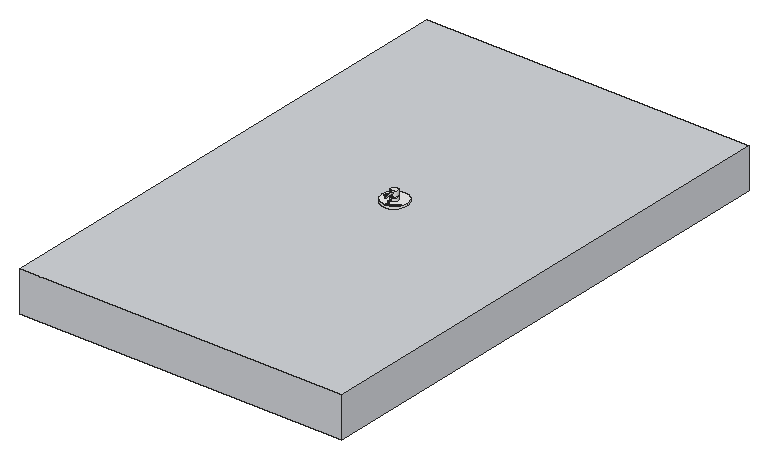
Revit family "Diverter_Trim-Grohe-Concetto-29102_Series", category Plumbing Fixtures, host Face, Revit 2019
Family settings
  Host = Face
  Round Connector Dimension = Use Diameter
  Part Type = Normal
  OmniClass Number = 23.45.05.14.17
  OmniClass Title = Showers
  Cut with Voids When Loaded = No
  Shared = Yes
  Room Calculation Point = No
Parameters (values of type "29102001")
  Width = 7 7/16"  # constant formula
  Waste Connection = no
  Warranty Documentation Link = "https://cdn.cloud.grohe.com/tpi/1000/1900/1940/1949/1949006/original/1949006.pdf"
  WFU = 2  # constant formula
  Vent Connection = no
  URL = "https://www.grohe.com"
  Type Comments = ""
  Tempered Connection Radius = Tempered Connection Diameter / 2  # 1/4"
  Tempered Connection Diameter = 1/2"
  Revised Date = "7/05/2021"  # constant formula
  Product Page URL = "https://www.grohe.us/Bath-Shower-Trim-Kits/Pressure-Balance-Valve-Trim-with-Diverter/GROHE-CHROME-29102001"
  Product Documentation Link = "https://americanstandard.box.com/shared/static/lns5ie3174h33xbuu48ah2lkp7dxdfm8.pdf"
  Price = "Prices may vary. Please consult Manufacturer Representative for most up-to-date price list."  # constant formula
  Model = "29102001"
  Material = "Metal-Grohe-001-Chrome"
  Manufacturer = "Grohe"  # constant formula
  Length Constraint [instance] = if(Length < 3 3/16", 3 3/16", if(Length > 4", 4", Length))  # 3 3/16"
  Length [instance] = 3 3/16"
  Installation Type = "Wall Mounted"  # constant formula
  Height = 7 7/16"  # constant formula
  HWFU = 1.5  # constant formula
  HW Connection = yes
  Finish = Metal-Grohe-001-Chrome
  Description = "CONCETTO Pressure Balance Valve Trim with Diverter"  # constant formula
  Default Elevation = 40"  # constant formula
  Creation Date = "7/18/2019"  # constant formula
  CWFU = 1.5  # constant formula
  CW Connection = yes
  Assembly Code = "D2010710"
  ADA Compliant = no
Types (2): name | Product Page URL | Model | Material | Finish
  29102001 | "https://www.grohe.us/Bath-Shower-Trim-Kits/Pressure-Balance-Valve-Trim-with-Diverter/GROHE-CHROME-29102001" | "29102001" | "Metal-Grohe-001-Chrome" | Metal-Grohe-001-Chrome
  29102EN1 | "https://www.grohe.us/Bath-Shower-Trim-Kits/Pressure-Balance-Valve-Trim-with-Diverter/GROHE-BRUSHED-NICKEL-29102EN1" | "29102EN1" | "Metal-Grohe-EN1-Brushed Nickel" | Metal-Grohe-EN1-Brushed Nickel
Reference planes (in)
  plane 1 "Center (Front/Back)": y = 0
  plane 2: z = 0
  plane 3 "Center (Left/Right)": x = 0
  plane 4: y = -40
  plane 5: z = 0.5625
  plane 6: x = -3.71875
  plane 7: x = 3.71875
  plane 8: z = 3.1875
  plane 9: x = -1.17208
  plane 10: x = 1.09375
  plane 11: z = 0.56445
  plane 12: y = -3.71875
  plane 13: y = 3.71875
  plane 14: y = -3.59375
Forms (in)
  Extrusion 1, solid
    sketch origin (0, 0, 0) x (1, 0, 0) y (0, 1, 0)
      loop
        line (-48, 72) -> (-48, -79.70833) -> (48, -79.70833) -> (48, 72) -> (-48, 72)
    from 0 to -12
  Revolve 2, solid, material "Metal-Grohe-001-Chrome" <- "Finish"
    sketch origin (0, 0, 0) x (0, 1, 0) y (0, 0, 1)
      loop
        arc (1.02415, 1.42174) -> (0.97714, 1.61209) -> (0.84691, 1.75867) r 0.40886
        line (0.84691, 1.75867) -> (0.99581, 1.75867)
        arc (0.99581, 1.75867) -> (1.01487, 1.75945) -> (1.02418, 1.77609) r 0.01953
        line (1.02418, 1.77609) -> (1.02418, 3.1875) -> (0, 3.1875) -> (0, 0) -> (1.02415, 0) -> (1.02415, 1.42174)
      axis (0, 3.1875) -> (0, 0)
    angle from 0 to 360
  Extrusion 3, solid, material "Metal-Grohe-001-Chrome" <- "Finish"
    sketch origin (0, 0, 0) x (1, 0, 0) y (0, 1, 0)
      loop
        circle (-0.54724, 0) r 0.25
      loop
        circle (0.54724, 0) r 0.25
    from 0 to 0.0625
  Extrusion 4, solid, material "Metal-Grohe-001-Chrome" <- "Finish"
    sketch origin (0, 0, 0) x (1, 0, 0) y (0, 1, 0)
      loop
        spline (3.71875, 0) -> (3.59204, 0.96248) -> (3.22053, 1.85937) -> (2.62955, 2.62955) -> (1.85938, 3.22053) -> (0.96248, 3.59204) -> (0, 3.71875) -> (-0.96248, 3.59204) -> (-1.85937, 3.22053) -> (-2.62955, 2.62955) -> (-3.22053, 1.85937) -> (-3.59204, 0.96248) -> (-3.71875, 0)
        spline (-3.71875, 0) -> (-3.59204, -0.96248) -> (-3.22053, -1.85938) -> (-2.62955, -2.62955) -> (-1.85937, -3.22053) -> (-0.96248, -3.59204) -> (0, -3.71875) -> (0.96248, -3.59204) -> (1.85938, -3.22053) -> (2.62955, -2.62955) -> (3.22053, -1.85938) -> (3.59204, -0.96248) -> (3.71875, 0)
    from 0 to 0.5625
  Revolve 5, solid, material "Metal-Grohe-001-Chrome" <- "Finish"
    sketch origin (0, 0, 0) x (0, 1, 0) y (0, 0, 1)
      loop
        line (0, 2.56703) -> (0, 2.75302) -> (-3.59375, 2.75302) -> (-3.59375, 2.56703) -> (0, 2.56703)
      axis (0, 2.56703) -> (-3.59375, 2.56703)
    angle from 0 to 360
  Extrusion 6, solid, material "Metal-Grohe-RED"
    sketch origin (0, 0, 0) x (1, 0, 0) y (0, 1, 0)
      loop
        arc (-3.07834, 0) -> (-2.93604, -0.14229) -> (-2.79375, 0) r 0.14229
        arc (-2.79375, 0) -> (-2.42947, 1.55729) -> (-1.22422, 2.6086) r 2.60619
        arc (-1.22422, 2.6086) -> (-1.19974, 2.66984) -> (-1.26096, 2.69437) r 0.04666
        arc (-1.26096, 2.69437) -> (-2.59121, 1.63153) -> (-3.07834, 0) r 2.85075
    from 0 to 0.56445
  Extrusion 7, solid, material "Metal-Grohe-Blue"
    sketch origin (0, 0, 0) x (0, 1, 0) y (-1, 0, 0)
      loop
        arc (-3.07834, 0) -> (-2.59121, -1.63153) -> (-1.26096, -2.69437) r 2.85075
        arc (-1.26096, -2.69437) -> (-1.19974, -2.66984) -> (-1.22422, -2.6086) r 0.04666
        arc (-1.22422, -2.6086) -> (-2.42947, -1.55729) -> (-2.79375, 0) r 2.60619
        arc (-2.79375, 0) -> (-2.93604, 0.14229) -> (-3.07834, 0) r 0.14229
    from 0 to 0.56445
  Revolve 8, solid, material "Metal-Grohe-001-Chrome" <- "Finish"
    sketch origin (0, 0, -0.16406) x (0, 1, 0) y (0, 0, 1)
      loop
        line (-2.237, 1.08545) -> (-2.237, 0.72656) -> (-2.11451, 0.72656) -> (-2.11451, 0.97672) -> (-1.99305, 0.97672) -> (-1.99305, 1.08545) -> (-2.237, 1.08545)
      axis (-2.237, 0.72656) -> (-2.237, 1.08545)
    angle from 0 to 360
  Extrusion 9, void
    sketch origin (0, 0, 0) x (0, 1, 0) y (0, 0, 1)
      loop
        line (-1.07792, 3.19454) -> (1.11956, 2.88571) -> (1.11956, 3.298) -> (-1.07792, 3.298) -> (-1.07792, 3.19454)
    from -1.17208 to 1.09375
Cuts and joins
  Extrusion 9 cuts Revolve 2
  Extrusion 9 cuts Extrusion 3
  Extrusion 9 cuts Extrusion 4
  Extrusion 9 cuts Revolve 5
  joined: Revolve 2, Extrusion 3, Extrusion 4, Revolve 5
Lines and regions (in)
  Masking region 1
    outline origin (0, 0, 0) x (1, 0, 0) y (0, 0, 1)
      loop
        line (3.71875, 0) -> (3.71875, 0.5625) -> (1.02415, 0.5625) -> (1.02415, 1.4306)
        arc (1.02415, 1.4306) -> (0.97666, 1.61699) -> (0.84574, 1.75793) r 0.38948
        line (0.84574, 1.75793) -> (1.02415, 1.75793) -> (1.02415, 3.0499)
        spline (1.02415, 3.0499) -> (1.00975, 3.06795) -> (0.97915, 3.08561) -> (0.93283, 3.10259) -> (0.87154, 3.11863) -> (0.79623, 3.13347) -> (0.70812, 3.14687) -> (0.60859, 3.15862) -> (0.49924, 3.16854) -> (0.38179, 3.17646) -> (0.25811, 3.18226) -> (0.13017, 3.18586) -> (0, 3.18718)
        spline (0, 3.18718) -> (-0.13017, 3.18586) -> (-0.25811, 3.18226) -> (-0.38179, 3.17646) -> (-0.49924, 3.16854) -> (-0.60859, 3.15862) -> (-0.70812, 3.14687) -> (-0.79623, 3.13347) -> (-0.87154, 3.11863) -> (-0.93283, 3.10259) -> (-0.97915, 3.08561) -> (-1.00975, 3.06795) -> (-1.02415, 3.0499)
        line (-1.02415, 3.0499) -> (-1.02415, 1.75793) -> (-0.84574, 1.75793)
        arc (-0.84574, 1.75793) -> (-0.97666, 1.61699) -> (-1.02415, 1.4306) r 0.38948
        line (-1.02415, 1.4306) -> (-1.02415, 0.5625) -> (-3.71875, 0.5625) -> (-3.71875, 0) -> (3.71875, 0)
  symbolic lines, detail levels fine
    curve 1: spline (0, 0, 2.89892) -> (0.13017, 0, 2.90025) -> (0.25811, 0, 2.90384) -> (0.38179, 0, 2.90965) -> (0.49924, 0, 2.91757) -> (0.60859, 0, 2.92749) -> (0.70812, 0, 2.93924) -> (0.79623, 0, 2.95264) -> (0.87154, 0, 2.96748) -> (0.93283, 0, 2.98351) -> (0.97915, 0, 3.0005) -> (1.00975, 0, 3.01815) -> (1.02415, 0, 3.03621)
    curve 2: spline (-1.02415, 0, 3.03621) -> (-1.00975, 0, 3.01815) -> (-0.97915, 0, 3.0005) -> (-0.93283, 0, 2.98351) -> (-0.87154, 0, 2.96748) -> (-0.79623, 0, 2.95264) -> (-0.70812, 0, 2.93924) -> (-0.60859, 0, 2.92749) -> (-0.49924, 0, 2.91757) -> (-0.38179, 0, 2.90965) -> (-0.25811, 0, 2.90384) -> (-0.13017, 0, 2.90025) -> (0, 0, 2.89892)
    curve 3: line (0.84574, 0, 1.75867) -> (-0.84574, 0, 1.75867)
    curve 4: line (1.02415, 0, 0.5625) -> (-1.02415, 0, 0.5625)
Dimensions and locks (in)
  plane 4 to plane 1 "Center (Front/Back)" = 40"
  "Length Constraint": plane 8 to Extrusion 1
  locked: plane 5 to Extrusion 1 at 0.5625
  "Width": plane 6 to plane 7
  equal spacing: plane 13, plane 1 "Center (Front/Back)", plane 12, locked at 3.71875 each
  "Height": plane 13 to plane 12
  equal spacing: plane 6, plane 3 "Center (Left/Right)", plane 7, locked at 3.71875 each
  locked: Revolve 2 sketch curve to Revolve 2 sketch curve at 1.42883
  locked: plane 13 to plane 14 at 7.3125
  locked: Masking region 1 sketch curve to cut or joined group of Revolve 2, Extrusion 3, Extrusion 4, Revolve 5, Extrusion 9 at 0.32808  (x2)
  locked: Extrusion 3 sketch curve to Extrusion 3 sketch curve (diameter 1/2")  (x2)
  aligned and locked: plane 2 to Extrusion 1
  aligned and locked: level to Extrusion 1
  aligned and locked: Extrusion 6 to Extrusion 1
  aligned and locked: Extrusion 7 to Extrusion 1
  aligned and locked: Extrusion 9 to plane 9
  aligned and locked: plane 10 to Extrusion 9
  aligned and locked: Revolve 5 sketch curve to plane 1 "Center (Front/Back)"
  aligned and locked: plane 5 to Extrusion 4
  aligned and locked: plane 11 to Extrusion 7
  aligned and locked: plane 11 to Extrusion 6
  aligned and locked: plane 5 to Revolve 8 sketch curve
  aligned and locked: Revolve 2 sketch curve to plane 8
  aligned and locked: cut or joined group of Revolve 2, Extrusion 3, Extrusion 4, Revolve 5, Extrusion 9 to plane 14
  aligned and locked: cut or joined group of Revolve 2, Extrusion 3, Extrusion 4, Revolve 5, Extrusion 9 to curve 3
Automatic sketch dimensions
  Extrusion 1 sketch curve to Extrusion 1 sketch curve = 96"
  Extrusion 1 sketch curve to Extrusion 1 sketch curve = 151.70833"
  plane 1 "Center (Front/Back)" to Extrusion 3 sketch curve = 0"  (x2)
  Extrusion 3 sketch curve to plane 3 "Center (Left/Right)" = 0.54724"
  plane 3 "Center (Left/Right)" to Extrusion 3 sketch curve = 0.54724"
  plane 1 "Center (Front/Back)" to Extrusion 6 sketch curve = 0"
  Extrusion 6 sketch curve to plane 6 = 0.78271"
  Extrusion 6 sketch curve to plane 3 "Center (Left/Right)" = 1.24262"
  Extrusion 6 sketch curve to plane 1 "Center (Front/Back)" = 0.03741"
  Extrusion 6 sketch curve to plane 3 "Center (Left/Right)" = 0.22783"
  Extrusion 6 sketch curve to Extrusion 6 sketch curve = 0.0315"
  Extrusion 6 sketch curve to Extrusion 6 sketch curve = 0.17625"
  Extrusion 6 sketch curve to Extrusion 6 sketch curve = 0.14229"
  Extrusion 6 sketch curve to Extrusion 6 sketch curve = 0.01834"
  plane 3 "Center (Left/Right)" to Extrusion 7 sketch curve = 0"
  Extrusion 7 sketch curve to plane 1 "Center (Front/Back)" = 1.24262"
  Extrusion 7 sketch curve to plane 3 "Center (Left/Right)" = 0.03741"
  Extrusion 7 sketch curve to plane 1 "Center (Front/Back)" = 0.22783"
  Extrusion 7 sketch curve to Extrusion 7 sketch curve = 0.0315"
  Extrusion 7 sketch curve to Extrusion 7 sketch curve = 0.17625"
  Extrusion 7 sketch curve to plane 7 = 1.06728"
  Extrusion 7 sketch curve to Extrusion 7 sketch curve = 0.14229"
  Extrusion 7 sketch curve to Extrusion 7 sketch curve = 0.01834"
  plane 8 to Extrusion 9 sketch curve = 0.1105"
  plane 1 "Center (Front/Back)" to Extrusion 9 sketch curve = 1.07792"
  Extrusion 9 sketch curve to plane 1 "Center (Front/Back)" = 1.11956"
  Extrusion 9 sketch curve to plane 8 = 0.30179"
  plane 8 to Extrusion 9 sketch curve = 0.00704"
  Revolve 5 sketch curve to plane 8 = 0.62047"
  Revolve 5 sketch curve to Revolve 5 sketch curve = 0.18599"
  Revolve 5 sketch curve to plane 1 "Center (Front/Back)" = 0.06744"
  Revolve 5 sketch curve to Revolve 5 sketch curve = 0.15205"
  Revolve 5 sketch curve to Revolve 5 sketch curve = 0"
  plane 11 to Revolve 8 sketch curve = 0.35693"
  Revolve 8 sketch curve to Revolve 8 sketch curve = 0.12248"
  Revolve 8 sketch curve to Revolve 8 sketch curve = 0.12146"
  Revolve 8 sketch curve to Revolve 8 sketch curve = 0.10873"
  Revolve 8 sketch curve to Revolve 8 sketch curve = 0"
  Revolve 8 sketch curve to Revolve 8 sketch curve = 0.18354"
  Revolve 8 sketch curve to Revolve 8 sketch curve = 0.11845"
  plane 6 to Masking region 1 sketch curve = 0"
  Masking region 1 sketch curve to plane 5 = 0"  (x2)
  Masking region 1 sketch curve to plane 3 "Center (Left/Right)" = 0"
  plane 7 to Masking region 1 sketch curve = 0"
  Masking region 1 sketch curve to level = 0"
  plane 9 to Masking region 1 sketch curve = 0.14792"  (x2)
  Masking region 1 sketch curve to Masking region 1 sketch curve = 0.17841"
  Masking region 1 sketch curve to Masking region 1 sketch curve = 0.21107"
  Masking region 1 sketch curve to plane 10 = 0.45908"
  Masking region 1 sketch curve to plane 10 = 0.24801"
  Masking region 1 sketch curve to plane 10 = 0.0696"  (x2)
  Masking region 1 sketch curve to plane 8 = 0.1376"  (x2)
  Masking region 1 sketch curve to Masking region 1 sketch curve = 0.00117"  (x2)
  Masking region 1 sketch curve to plane 3 "Center (Left/Right)" = 0.01035"
  plane 3 "Center (Left/Right)" to Masking region 1 sketch curve = 0.01035"
  Masking region 1 sketch curve to Masking region 1 sketch curve = 0.00684"
  Extrusion 6 sketch curve to Extrusion 6 sketch curve = 0.0429"
  plane 1 "Center (Front/Back)" to Extrusion 4 sketch curve = 0"
  Extrusion 4 sketch curve to plane 3 "Center (Left/Right)" = 0"
  Extrusion 4 sketch curve to plane 7 = 0"
  Revolve 2 sketch curve to plane 1 "Center (Front/Back)" = 0"  (x2)
  Revolve 2 sketch curve to level = 0"
  Revolve 2 sketch curve to plane 1 "Center (Front/Back)" = 0.61529"
  Revolve 2 sketch curve to Revolve 2 sketch curve = 0.38935"
  Revolve 2 sketch curve to Revolve 2 sketch curve = 0.35435"
  Revolve 2 sketch curve to Revolve 2 sketch curve = 0.15773"
  Revolve 2 sketch curve to Revolve 2 sketch curve = 0.00883"
  Revolve 2 sketch curve to Revolve 2 sketch curve = 1.79746"
  Revolve 2 sketch curve to Revolve 2 sketch curve = 1/4"
  plane 12 to Revolve 5 sketch curve = 1/8"
  Extrusion 7 sketch curve to plane 12 = 0.78271"
  plane 12 to Revolve 8 sketch curve = 1.48175"
  curve 4 to plane 5 = 0"
  curve 1 to plane 3 "Center (Left/Right)" = 0"
  curve 1 to plane 3 "Center (Left/Right)" = 0.01035"
  plane 9 to curve 3 = 0.32633"
  plane 9 to curve 2 = 0.14792"
  plane 9 to curve 4 = 0.14792"
  curve 2 to curve 2 = 0.00117"
  plane 3 "Center (Left/Right)" to curve 2 = 0.01035"
  curve 3 to plane 10 = 0.24801"
  curve 4 to plane 10 = 0.0696"
  curve 1 to plane 10 = 0.0696"
  curve 1 to curve 1 = 0.00117"
  curve 2 to plane 8 = 0.28858"
  curve 2 to plane 8 = 0.15129"
  curve 1 to plane 8 = 0.15129"
  Revolve 2 sketch curve to Revolve 2 sketch curve = 1.02415"
Connectors (in)
  piping at (0, 0, 0), diameter 0.5, driven by "Tempered Connection Diameter"
    settings: on cut or joined group of Revolve 2, Extrusion 3, Extrusion 4, Revolve 5, Extrusion 9, index 1, connector inside diameter 24", connector length 0", flow factor 0, pipe flow 0 GPM, pressure drop 0.00 psi, fitting loss kfactor 0, connector angle 0.00°, fixture units 0, engagement length 0", angle of deflection 0.00°, flow configuration 0, flow direction 1, fitting loss method 0, system type 29, joint type 0, gender type 0, connector reference index -1, connector utility 0, adjustable connector no, is connector primary yes, connector description "1/2\" NPT Tempered Supply Inlet"
